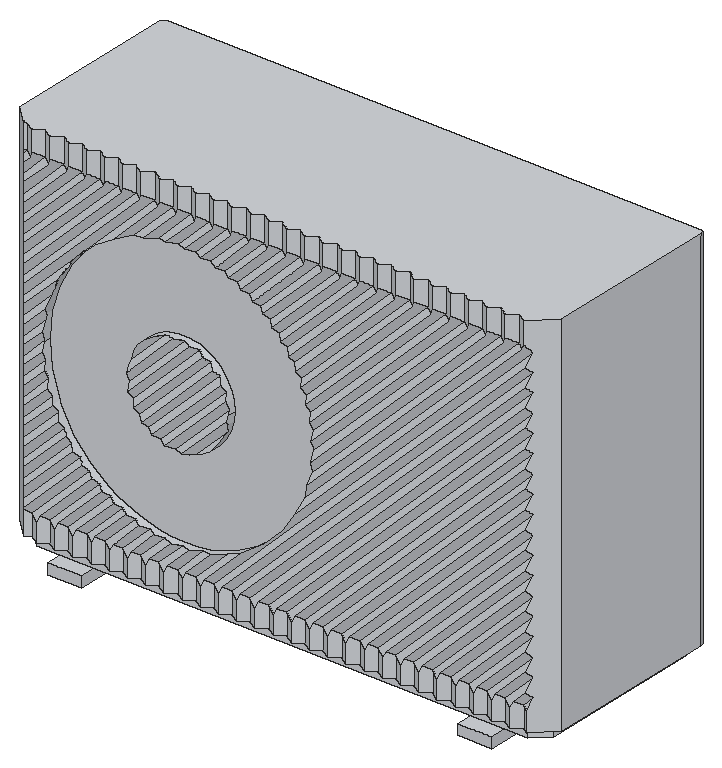
Revit family "HPR10HT", category Mechanical Equipment, Revit 2021
Family settings
  Round Connector Dimension = Use Diameter
  Part Type = Normal
  OmniClass Number = 23.75.00.00
  OmniClass Title = Climate Control (HVAC)
  Work Plane-Based = No
  Always vertical = Yes
  Cut with Voids When Loaded = No
  Shared = No
  Room Calculation Point = No
Parameters
  Width = 476.0 mm
  Water Flow Rate [instance] = 1.7 m³/h
  Refrigerant = "R290"
  Pump Pressure = 73.55 Pa
  Overall Height = 928.0 mm
  Overal Width = 500.0 mm
  Min Heating Capacity = 5.40 kW
  Maximum Current Input = 24.5 A
  Max Power Input = 3.85 W
  Max Output Temperature = 75 °C
  Max Heating Capacity = 14.95 kW
  Length = 1287.0 mm
  Default Elevation = 0.0 mm
  Connection Size = 25 mm
  COP 65-55ºC @ 7ºC = 2.32
  COP 65-55ºC @ 2ºC = 2.02
  COP 35-30ºC @ 7ºC = 4.53
  COP 35-30ºC @ 2ºC = 4.22
  Base = 975.0 mm
Reference planes
  plane 1 "Center (Front/Back)": y = 0
  plane 2: z = 0
  plane 3 "Center (Left/Right)": x = 0
  plane 4 "BACK": y = 238
  plane 5 "front": y = -238
  plane 6 "LEFT": x = -643.5
  plane 7: x = 643.5
  plane 8 "TOP": z = 928
  plane 9: y = 250
  plane 10: y = -250
  plane 11: x = -487.5
  plane 12: x = 487.5
Forms (mm)
  Extrusion 1, solid
    sketch origin (0, 0, 0) x (1, 0, 0) y (0, 1, 0)
      loop
        arc (-633.5, 238) -> (-640.571, 235.071) -> (-643.5, 228) r 10
        line (-643.5, 228) -> (-643.5, -188) -> (-593.5, -238) -> (593.5, -238) -> (643.5, -188) -> (643.5, 228)
        arc (643.5, 228) -> (640.571, 235.071) -> (633.5, 238) r 10
        line (633.5, 238) -> (-633.5, 238)
      loop
        line (-618.5, 213) -> (-618.5, -177.645) -> (-583.145, -213) -> (583.145, -213) -> (618.5, -177.645) -> (618.5, 213) -> (-618.5, 213)
    from 50 to 928 <- "Overall Height"
  Sweep 2, void
    path origin (0, -238, 0) x (-1, 0, 0) y (0, 0, 1)
      loop
        line (-593.5, 928) -> (-593.5, 878) -> (174.5, 110) -> (174.5, 50)
    profile "Family2 : Family2" origin (593.5, -238, 903) x (-1, 0, 0) y (0, 1, 0)
      loop
        line (0, 0) -> (-21.651, 12.5) -> (-43.301, 0) -> (-43.301, -5) -> (0, -5) -> (0, 0)
  Sweep 3, void
    path origin (43.301, -238, 0) x (-1, 0, 0) y (0, 0, 1)
      loop
        line (-593.5, 928) -> (-593.5, 878) -> (174.5, 110) -> (174.5, 50)
    profile "Family2 : Family2" origin (636.801, -238, 903) x (-1, 0, 0) y (0, 1, 0)
      loop
        line (0, 0) -> (-21.651, 12.5) -> (-43.301, 0) -> (-43.301, -5) -> (0, -5) -> (0, 0)
  Sweep 4, void
    path origin (86.603, -238, 0) x (-1, 0, 0) y (0, 0, 1)
      loop
        line (-593.5, 928) -> (-593.5, 878) -> (174.5, 110) -> (174.5, 50)
    profile "Family2 : Family2" origin (680.103, -238, 903) x (-1, 0, 0) y (0, 1, 0)
      loop
        line (0, 0) -> (-21.651, 12.5) -> (-43.301, 0) -> (-43.301, -5) -> (0, -5) -> (0, 0)
  Sweep 5, void
    path origin (129.904, -238, 0) x (-1, 0, 0) y (0, 0, 1)
      loop
        line (-593.5, 928) -> (-593.5, 878) -> (174.5, 110) -> (174.5, 50)
    profile "Family2 : Family2" origin (723.404, -238, 903) x (-1, 0, 0) y (0, 1, 0)
      loop
        line (0, 0) -> (-21.651, 12.5) -> (-43.301, 0) -> (-43.301, -5) -> (0, -5) -> (0, 0)
  Sweep 6, void
    path origin (173.205, -238, 0) x (-1, 0, 0) y (0, 0, 1)
      loop
        line (-593.5, 928) -> (-593.5, 878) -> (174.5, 110) -> (174.5, 50)
    profile "Family2 : Family2" origin (766.705, -238, 903) x (-1, 0, 0) y (0, 1, 0)
      loop
        line (0, 0) -> (-21.651, 12.5) -> (-43.301, 0) -> (-43.301, -5) -> (0, -5) -> (0, 0)
  Sweep 7, void
    path origin (216.506, -238, 0) x (-1, 0, 0) y (0, 0, 1)
      loop
        line (-593.5, 928) -> (-593.5, 878) -> (174.5, 110) -> (174.5, 50)
    profile "Family2 : Family2" origin (810.006, -238, 903) x (-1, 0, 0) y (0, 1, 0)
      loop
        line (0, 0) -> (-21.651, 12.5) -> (-43.301, 0) -> (-43.301, -5) -> (0, -5) -> (0, 0)
  Sweep 8, void
    path origin (259.808, -238, 0) x (-1, 0, 0) y (0, 0, 1)
      loop
        line (-593.5, 928) -> (-593.5, 878) -> (174.5, 110) -> (174.5, 50)
    profile "Family2 : Family2" origin (853.308, -238, 903) x (-1, 0, 0) y (0, 1, 0)
      loop
        line (0, 0) -> (-21.651, 12.5) -> (-43.301, 0) -> (-43.301, -5) -> (0, -5) -> (0, 0)
  Sweep 9, void
    path origin (303.109, -238, 0) x (-1, 0, 0) y (0, 0, 1)
      loop
        line (-593.5, 928) -> (-593.5, 878) -> (174.5, 110) -> (174.5, 50)
    profile "Family2 : Family2" origin (896.609, -238, 903) x (-1, 0, 0) y (0, 1, 0)
      loop
        line (0, 0) -> (-21.651, 12.5) -> (-43.301, 0) -> (-43.301, -5) -> (0, -5) -> (0, 0)
  Sweep 10, void
    path origin (346.41, -238, 0) x (-1, 0, 0) y (0, 0, 1)
      loop
        line (-593.5, 928) -> (-593.5, 878) -> (174.5, 110) -> (174.5, 50)
    profile "Family2 : Family2" origin (939.91, -238, 903) x (-1, 0, 0) y (0, 1, 0)
      loop
        line (0, 0) -> (-21.651, 12.5) -> (-43.301, 0) -> (-43.301, -5) -> (0, -5) -> (0, 0)
  Sweep 11, void
    path origin (389.711, -238, 0) x (-1, 0, 0) y (0, 0, 1)
      loop
        line (-593.5, 928) -> (-593.5, 878) -> (174.5, 110) -> (174.5, 50)
    profile "Family2 : Family2" origin (983.211, -238, 903) x (-1, 0, 0) y (0, 1, 0)
      loop
        line (0, 0) -> (-21.651, 12.5) -> (-43.301, 0) -> (-43.301, -5) -> (0, -5) -> (0, 0)
  Sweep 12, void
    path origin (433.013, -238, 0) x (-1, 0, 0) y (0, 0, 1)
      loop
        line (-593.5, 928) -> (-593.5, 878) -> (174.5, 110) -> (174.5, 50)
    profile "Family2 : Family2" origin (1026.513, -238, 903) x (-1, 0, 0) y (0, 1, 0)
      loop
        line (0, 0) -> (-21.651, 12.5) -> (-43.301, 0) -> (-43.301, -5) -> (0, -5) -> (0, 0)
  Sweep 13, void
    path origin (476.314, -238, 0) x (-1, 0, 0) y (0, 0, 1)
      loop
        line (-593.5, 928) -> (-593.5, 878) -> (174.5, 110) -> (174.5, 50)
    profile "Family2 : Family2" origin (1069.814, -238, 903) x (-1, 0, 0) y (0, 1, 0)
      loop
        line (0, 0) -> (-21.651, 12.5) -> (-43.301, 0) -> (-43.301, -5) -> (0, -5) -> (0, 0)
  Sweep 14, void
    path origin (519.615, -238, 0) x (-1, 0, 0) y (0, 0, 1)
      loop
        line (-593.5, 928) -> (-593.5, 878) -> (174.5, 110) -> (174.5, 50)
    profile "Family2 : Family2" origin (1113.115, -238, 903) x (-1, 0, 0) y (0, 1, 0)
      loop
        line (0, 0) -> (-21.651, 12.5) -> (-43.301, 0) -> (-43.301, -5) -> (0, -5) -> (0, 0)
  Sweep 15, void
    path origin (562.917, -238, 0) x (-1, 0, 0) y (0, 0, 1)
      loop
        line (-593.5, 928) -> (-593.5, 878) -> (174.5, 110) -> (174.5, 50)
    profile "Family2 : Family2" origin (1156.417, -238, 903) x (-1, 0, 0) y (0, 1, 0)
      loop
        line (0, 0) -> (-21.651, 12.5) -> (-43.301, 0) -> (-43.301, -5) -> (0, -5) -> (0, 0)
  Sweep 16, void
    path origin (606.218, -238, 0) x (-1, 0, 0) y (0, 0, 1)
      loop
        line (-593.5, 928) -> (-593.5, 878) -> (174.5, 110) -> (174.5, 50)
    profile "Family2 : Family2" origin (1199.718, -238, 903) x (-1, 0, 0) y (0, 1, 0)
      loop
        line (0, 0) -> (-21.651, 12.5) -> (-43.301, 0) -> (-43.301, -5) -> (0, -5) -> (0, 0)
  Sweep 17, void
    path origin (649.519, -238, 0) x (-1, 0, 0) y (0, 0, 1)
      loop
        line (-593.5, 928) -> (-593.5, 878) -> (174.5, 110) -> (174.5, 50)
    profile "Family2 : Family2" origin (1243.019, -238, 903) x (-1, 0, 0) y (0, 1, 0)
      loop
        line (0, 0) -> (-21.651, 12.5) -> (-43.301, 0) -> (-43.301, -5) -> (0, -5) -> (0, 0)
  Sweep 18, void
    path origin (692.82, -238, 0) x (-1, 0, 0) y (0, 0, 1)
      loop
        line (-593.5, 928) -> (-593.5, 878) -> (174.5, 110) -> (174.5, 50)
    profile "Family2 : Family2" origin (1286.32, -238, 903) x (-1, 0, 0) y (0, 1, 0)
      loop
        line (0, 0) -> (-21.651, 12.5) -> (-43.301, 0) -> (-43.301, -5) -> (0, -5) -> (0, 0)
  Sweep 19, void
    path origin (736.122, -238, 0) x (-1, 0, 0) y (0, 0, 1)
      loop
        line (-593.5, 928) -> (-593.5, 878) -> (174.5, 110) -> (174.5, 50)
    profile "Family2 : Family2" origin (1329.622, -238, 903) x (-1, 0, 0) y (0, 1, 0)
      loop
        line (0, 0) -> (-21.651, 12.5) -> (-43.301, 0) -> (-43.301, -5) -> (0, -5) -> (0, 0)
  Sweep 20, void
    path origin (-43.301, -238, 0) x (-1, 0, 0) y (0, 0, 1)
      loop
        line (-593.5, 928) -> (-593.5, 878) -> (174.5, 110) -> (174.5, 50)
    profile "Family2 : Family2" origin (550.199, -238, 903) x (-1, 0, 0) y (0, 1, 0)
      loop
        line (0, 0) -> (-21.651, 12.5) -> (-43.301, 0) -> (-43.301, -5) -> (0, -5) -> (0, 0)
  Sweep 21, void
    path origin (-86.603, -238, 0) x (-1, 0, 0) y (0, 0, 1)
      loop
        line (-593.5, 928) -> (-593.5, 878) -> (174.5, 110) -> (174.5, 50)
    profile "Family2 : Family2" origin (506.897, -238, 903) x (-1, 0, 0) y (0, 1, 0)
      loop
        line (0, 0) -> (-21.651, 12.5) -> (-43.301, 0) -> (-43.301, -5) -> (0, -5) -> (0, 0)
  Sweep 22, void
    path origin (-129.904, -238, 0) x (-1, 0, 0) y (0, 0, 1)
      loop
        line (-593.5, 928) -> (-593.5, 878) -> (174.5, 110) -> (174.5, 50)
    profile "Family2 : Family2" origin (463.596, -238, 903) x (-1, 0, 0) y (0, 1, 0)
      loop
        line (0, 0) -> (-21.651, 12.5) -> (-43.301, 0) -> (-43.301, -5) -> (0, -5) -> (0, 0)
  Sweep 23, void
    path origin (-173.205, -238, 0) x (-1, 0, 0) y (0, 0, 1)
      loop
        line (-593.5, 928) -> (-593.5, 878) -> (174.5, 110) -> (174.5, 50)
    profile "Family2 : Family2" origin (420.295, -238, 903) x (-1, 0, 0) y (0, 1, 0)
      loop
        line (0, 0) -> (-21.651, 12.5) -> (-43.301, 0) -> (-43.301, -5) -> (0, -5) -> (0, 0)
  Sweep 24, void
    path origin (-216.506, -238, 0) x (-1, 0, 0) y (0, 0, 1)
      loop
        line (-593.5, 928) -> (-593.5, 878) -> (174.5, 110) -> (174.5, 50)
    profile "Family2 : Family2" origin (376.994, -238, 903) x (-1, 0, 0) y (0, 1, 0)
      loop
        line (0, 0) -> (-21.651, 12.5) -> (-43.301, 0) -> (-43.301, -5) -> (0, -5) -> (0, 0)
  Sweep 25, void
    path origin (-259.808, -238, 0) x (-1, 0, 0) y (0, 0, 1)
      loop
        line (-593.5, 928) -> (-593.5, 878) -> (174.5, 110) -> (174.5, 50)
    profile "Family2 : Family2" origin (333.692, -238, 903) x (-1, 0, 0) y (0, 1, 0)
      loop
        line (0, 0) -> (-21.651, 12.5) -> (-43.301, 0) -> (-43.301, -5) -> (0, -5) -> (0, 0)
  Sweep 26, void
    path origin (-303.109, -238, 0) x (-1, 0, 0) y (0, 0, 1)
      loop
        line (-593.5, 928) -> (-593.5, 878) -> (174.5, 110) -> (174.5, 50)
    profile "Family2 : Family2" origin (290.391, -238, 903) x (-1, 0, 0) y (0, 1, 0)
      loop
        line (0, 0) -> (-21.651, 12.5) -> (-43.301, 0) -> (-43.301, -5) -> (0, -5) -> (0, 0)
  Sweep 27, void
    path origin (-346.41, -238, 0) x (-1, 0, 0) y (0, 0, 1)
      loop
        line (-593.5, 928) -> (-593.5, 878) -> (174.5, 110) -> (174.5, 50)
    profile "Family2 : Family2" origin (247.09, -238, 903) x (-1, 0, 0) y (0, 1, 0)
      loop
        line (0, 0) -> (-21.651, 12.5) -> (-43.301, 0) -> (-43.301, -5) -> (0, -5) -> (0, 0)
  Sweep 28, void
    path origin (-389.711, -238, 0) x (-1, 0, 0) y (0, 0, 1)
      loop
        line (-593.5, 928) -> (-593.5, 878) -> (174.5, 110) -> (174.5, 50)
    profile "Family2 : Family2" origin (203.789, -238, 903) x (-1, 0, 0) y (0, 1, 0)
      loop
        line (0, 0) -> (-21.651, 12.5) -> (-43.301, 0) -> (-43.301, -5) -> (0, -5) -> (0, 0)
  Sweep 29, void
    path origin (-433.013, -238, 0) x (-1, 0, 0) y (0, 0, 1)
      loop
        line (-593.5, 928) -> (-593.5, 878) -> (174.5, 110) -> (174.5, 50)
    profile "Family2 : Family2" origin (160.487, -238, 903) x (-1, 0, 0) y (0, 1, 0)
      loop
        line (0, 0) -> (-21.651, 12.5) -> (-43.301, 0) -> (-43.301, -5) -> (0, -5) -> (0, 0)
  Sweep 30, void
    path origin (-476.314, -238, 0) x (-1, 0, 0) y (0, 0, 1)
      loop
        line (-593.5, 928) -> (-593.5, 878) -> (174.5, 110) -> (174.5, 50)
    profile "Family2 : Family2" origin (117.186, -238, 903) x (-1, 0, 0) y (0, 1, 0)
      loop
        line (0, 0) -> (-21.651, 12.5) -> (-43.301, 0) -> (-43.301, -5) -> (0, -5) -> (0, 0)
  Sweep 31, void
    path origin (-519.615, -238, 0) x (-1, 0, 0) y (0, 0, 1)
      loop
        line (-593.5, 928) -> (-593.5, 878) -> (174.5, 110) -> (174.5, 50)
    profile "Family2 : Family2" origin (73.885, -238, 903) x (-1, 0, 0) y (0, 1, 0)
      loop
        line (0, 0) -> (-21.651, 12.5) -> (-43.301, 0) -> (-43.301, -5) -> (0, -5) -> (0, 0)
  Sweep 32, void
    path origin (-562.917, -238, 0) x (-1, 0, 0) y (0, 0, 1)
      loop
        line (-593.5, 928) -> (-593.5, 878) -> (174.5, 110) -> (174.5, 50)
    profile "Family2 : Family2" origin (30.583, -238, 903) x (-1, 0, 0) y (0, 1, 0)
      loop
        line (0, 0) -> (-21.651, 12.5) -> (-43.301, 0) -> (-43.301, -5) -> (0, -5) -> (0, 0)
  Sweep 33, void
    path origin (-606.218, -238, 0) x (-1, 0, 0) y (0, 0, 1)
      loop
        line (-593.5, 928) -> (-593.5, 878) -> (174.5, 110) -> (174.5, 50)
    profile "Family2 : Family2" origin (-12.718, -238, 903) x (-1, 0, 0) y (0, 1, 0)
      loop
        line (0, 0) -> (-21.651, 12.5) -> (-43.301, 0) -> (-43.301, -5) -> (0, -5) -> (0, 0)
  Sweep 34, void
    path origin (-649.519, -238, 0) x (-1, 0, 0) y (0, 0, 1)
      loop
        line (-593.5, 928) -> (-593.5, 878) -> (174.5, 110) -> (174.5, 50)
    profile "Family2 : Family2" origin (-56.019, -238, 903) x (-1, 0, 0) y (0, 1, 0)
      loop
        line (0, 0) -> (-21.651, 12.5) -> (-43.301, 0) -> (-43.301, -5) -> (0, -5) -> (0, 0)
  Sweep 35, void
    path origin (-692.82, -238, 0) x (-1, 0, 0) y (0, 0, 1)
      loop
        line (-593.5, 928) -> (-593.5, 878) -> (174.5, 110) -> (174.5, 50)
    profile "Family2 : Family2" origin (-99.32, -238, 903) x (-1, 0, 0) y (0, 1, 0)
      loop
        line (0, 0) -> (-21.651, 12.5) -> (-43.301, 0) -> (-43.301, -5) -> (0, -5) -> (0, 0)
  Sweep 36, void
    path origin (-736.122, -238, 0) x (-1, 0, 0) y (0, 0, 1)
      loop
        line (-593.5, 928) -> (-593.5, 878) -> (174.5, 110) -> (174.5, 50)
    profile "Family2 : Family2" origin (-142.622, -238, 903) x (-1, 0, 0) y (0, 1, 0)
      loop
        line (0, 0) -> (-21.651, 12.5) -> (-43.301, 0) -> (-43.301, -5) -> (0, -5) -> (0, 0)
  Sweep 37, void
    path origin (-779.423, -238, 0) x (-1, 0, 0) y (0, 0, 1)
      loop
        line (-593.5, 928) -> (-593.5, 878) -> (174.5, 110) -> (174.5, 50)
    profile "Family2 : Family2" origin (-185.923, -238, 903) x (-1, 0, 0) y (0, 1, 0)
      loop
        line (0, 0) -> (-21.651, 12.5) -> (-43.301, 0) -> (-43.301, -5) -> (0, -5) -> (0, 0)
  Sweep 38, void
    path origin (-822.724, -238, 0) x (-1, 0, 0) y (0, 0, 1)
      loop
        line (-593.5, 928) -> (-593.5, 878) -> (174.5, 110) -> (174.5, 50)
    profile "Family2 : Family2" origin (-229.224, -238, 903) x (-1, 0, 0) y (0, 1, 0)
      loop
        line (0, 0) -> (-21.651, 12.5) -> (-43.301, 0) -> (-43.301, -5) -> (0, -5) -> (0, 0)
  Sweep 39, void
    path origin (-866.025, -238, 0) x (-1, 0, 0) y (0, 0, 1)
      loop
        line (-593.5, 928) -> (-593.5, 878) -> (174.5, 110) -> (174.5, 50)
    profile "Family2 : Family2" origin (-272.525, -238, 903) x (-1, 0, 0) y (0, 1, 0)
      loop
        line (0, 0) -> (-21.651, 12.5) -> (-43.301, 0) -> (-43.301, -5) -> (0, -5) -> (0, 0)
  Sweep 40, void
    path origin (-909.327, -238, 0) x (-1, 0, 0) y (0, 0, 1)
      loop
        line (-593.5, 928) -> (-593.5, 878) -> (174.5, 110) -> (174.5, 50)
    profile "Family2 : Family2" origin (-315.827, -238, 903) x (-1, 0, 0) y (0, 1, 0)
      loop
        line (0, 0) -> (-21.651, 12.5) -> (-43.301, 0) -> (-43.301, -5) -> (0, -5) -> (0, 0)
  Sweep 41, void
    path origin (-952.628, -238, 0) x (-1, 0, 0) y (0, 0, 1)
      loop
        line (-593.5, 928) -> (-593.5, 878) -> (174.5, 110) -> (174.5, 50)
    profile "Family2 : Family2" origin (-359.128, -238, 903) x (-1, 0, 0) y (0, 1, 0)
      loop
        line (0, 0) -> (-21.651, 12.5) -> (-43.301, 0) -> (-43.301, -5) -> (0, -5) -> (0, 0)
  Sweep 42, void
    path origin (-995.929, -238, 0) x (-1, 0, 0) y (0, 0, 1)
      loop
        line (-593.5, 928) -> (-593.5, 878) -> (174.5, 110) -> (174.5, 50)
    profile "Family2 : Family2" origin (-402.429, -238, 903) x (-1, 0, 0) y (0, 1, 0)
      loop
        line (0, 0) -> (-21.651, 12.5) -> (-43.301, 0) -> (-43.301, -5) -> (0, -5) -> (0, 0)
  Sweep 43, void
    path origin (-1039.23, -238, 0) x (-1, 0, 0) y (0, 0, 1)
      loop
        line (-593.5, 928) -> (-593.5, 878) -> (174.5, 110) -> (174.5, 50)
    profile "Family2 : Family2" origin (-445.73, -238, 903) x (-1, 0, 0) y (0, 1, 0)
      loop
        line (0, 0) -> (-21.651, 12.5) -> (-43.301, 0) -> (-43.301, -5) -> (0, -5) -> (0, 0)
  Sweep 44, void
    path origin (-1082.532, -238, 0) x (-1, 0, 0) y (0, 0, 1)
      loop
        line (-593.5, 928) -> (-593.5, 878) -> (174.5, 110) -> (174.5, 50)
    profile "Family2 : Family2" origin (-489.032, -238, 903) x (-1, 0, 0) y (0, 1, 0)
      loop
        line (0, 0) -> (-21.651, 12.5) -> (-43.301, 0) -> (-43.301, -5) -> (0, -5) -> (0, 0)
  Sweep 45, void
    path origin (-1125.833, -238, 0) x (-1, 0, 0) y (0, 0, 1)
      loop
        line (-593.5, 928) -> (-593.5, 878) -> (174.5, 110) -> (174.5, 50)
    profile "Family2 : Family2" origin (-532.333, -238, 903) x (-1, 0, 0) y (0, 1, 0)
      loop
        line (0, 0) -> (-21.651, 12.5) -> (-43.301, 0) -> (-43.301, -5) -> (0, -5) -> (0, 0)
  Sweep 46, void
    path origin (-1169.134, -238, 0) x (-1, 0, 0) y (0, 0, 1)
      loop
        line (-593.5, 928) -> (-593.5, 878) -> (174.5, 110) -> (174.5, 50)
    profile "Family2 : Family2" origin (-575.634, -238, 903) x (-1, 0, 0) y (0, 1, 0)
      loop
        line (0, 0) -> (-21.651, 12.5) -> (-43.301, 0) -> (-43.301, -5) -> (0, -5) -> (0, 0)
  Sweep 47, void
    path origin (-1212.436, -238, 0) x (-1, 0, 0) y (0, 0, 1)
      loop
        line (-593.5, 928) -> (-593.5, 878) -> (174.5, 110) -> (174.5, 50)
    profile "Family2 : Family2" origin (-618.936, -238, 903) x (-1, 0, 0) y (0, 1, 0)
      loop
        line (0, 0) -> (-21.651, 12.5) -> (-43.301, 0) -> (-43.301, -5) -> (0, -5) -> (0, 0)
  Extrusion 48, void
    sketch origin (-643.5, 0, -25) x (0, 1, 0) y (0, 0, 1)
      loop
        line (195.645, 889.841) -> (174.432, 911.054)
        arc (174.432, 911.054) -> (156.754, 911.054) -> (156.754, 893.376) r 12.5
        line (156.754, 893.376) -> (177.967, 872.163)
        arc (177.967, 872.163) -> (195.645, 872.163) -> (195.645, 889.841) r 12.5
      loop
        line (133.145, 889.841) -> (111.932, 911.054)
        arc (111.932, 911.054) -> (94.254, 911.054) -> (94.254, 893.376) r 12.5
        line (94.254, 893.376) -> (115.467, 872.163)
        arc (115.467, 872.163) -> (133.145, 872.163) -> (133.145, 889.841) r 12.5
      loop
        line (70.645, 889.841) -> (49.432, 911.054)
        arc (49.432, 911.054) -> (31.754, 911.054) -> (31.754, 893.376) r 12.5
        line (31.754, 893.376) -> (52.967, 872.163)
        arc (52.967, 872.163) -> (70.645, 872.163) -> (70.645, 889.841) r 12.5
      loop
        line (8.145, 889.841) -> (-13.068, 911.054)
        arc (-13.068, 911.054) -> (-30.746, 911.054) -> (-30.746, 893.376) r 12.5
        line (-30.746, 893.376) -> (-9.533, 872.163)
        arc (-9.533, 872.163) -> (8.145, 872.163) -> (8.145, 889.841) r 12.5
      loop
        line (-54.355, 889.841) -> (-75.568, 911.054)
        arc (-75.568, 911.054) -> (-93.246, 911.054) -> (-93.246, 893.376) r 12.5
        line (-93.246, 893.376) -> (-72.033, 872.163)
        arc (-72.033, 872.163) -> (-54.355, 872.163) -> (-54.355, 889.841) r 12.5
      loop
        line (-116.855, 889.841) -> (-138.068, 911.054)
        arc (-138.068, 911.054) -> (-155.746, 911.054) -> (-155.746, 893.376) r 12.5
        line (-155.746, 893.376) -> (-134.533, 872.163)
        arc (-134.533, 872.163) -> (-116.855, 872.163) -> (-116.855, 889.841) r 12.5
    from 0 to 30
  Extrusion 49, void
    sketch origin (-643.5, 0, -85) x (0, 1, 0) y (0, 0, 1)
      loop
        line (195.645, 889.841) -> (174.432, 911.054)
        arc (174.432, 911.054) -> (156.754, 911.054) -> (156.754, 893.376) r 12.5
        line (156.754, 893.376) -> (177.967, 872.163)
        arc (177.967, 872.163) -> (195.645, 872.163) -> (195.645, 889.841) r 12.5
      loop
        line (133.145, 889.841) -> (111.932, 911.054)
        arc (111.932, 911.054) -> (94.254, 911.054) -> (94.254, 893.376) r 12.5
        line (94.254, 893.376) -> (115.467, 872.163)
        arc (115.467, 872.163) -> (133.145, 872.163) -> (133.145, 889.841) r 12.5
      loop
        line (70.645, 889.841) -> (49.432, 911.054)
        arc (49.432, 911.054) -> (31.754, 911.054) -> (31.754, 893.376) r 12.5
        line (31.754, 893.376) -> (52.967, 872.163)
        arc (52.967, 872.163) -> (70.645, 872.163) -> (70.645, 889.841) r 12.5
      loop
        line (8.145, 889.841) -> (-13.068, 911.054)
        arc (-13.068, 911.054) -> (-30.746, 911.054) -> (-30.746, 893.376) r 12.5
        line (-30.746, 893.376) -> (-9.533, 872.163)
        arc (-9.533, 872.163) -> (8.145, 872.163) -> (8.145, 889.841) r 12.5
      loop
        line (-54.355, 889.841) -> (-75.568, 911.054)
        arc (-75.568, 911.054) -> (-93.246, 911.054) -> (-93.246, 893.376) r 12.5
        line (-93.246, 893.376) -> (-72.033, 872.163)
        arc (-72.033, 872.163) -> (-54.355, 872.163) -> (-54.355, 889.841) r 12.5
      loop
        line (-116.855, 889.841) -> (-138.068, 911.054)
        arc (-138.068, 911.054) -> (-155.746, 911.054) -> (-155.746, 893.376) r 12.5
        line (-155.746, 893.376) -> (-134.533, 872.163)
        arc (-134.533, 872.163) -> (-116.855, 872.163) -> (-116.855, 889.841) r 12.5
    from 0 to 30
  Extrusion 50, void
    sketch origin (-643.5, 0, -145) x (0, 1, 0) y (0, 0, 1)
      loop
        line (195.645, 889.841) -> (174.432, 911.054)
        arc (174.432, 911.054) -> (156.754, 911.054) -> (156.754, 893.376) r 12.5
        line (156.754, 893.376) -> (177.967, 872.163)
        arc (177.967, 872.163) -> (195.645, 872.163) -> (195.645, 889.841) r 12.5
      loop
        line (133.145, 889.841) -> (111.932, 911.054)
        arc (111.932, 911.054) -> (94.254, 911.054) -> (94.254, 893.376) r 12.5
        line (94.254, 893.376) -> (115.467, 872.163)
        arc (115.467, 872.163) -> (133.145, 872.163) -> (133.145, 889.841) r 12.5
      loop
        line (70.645, 889.841) -> (49.432, 911.054)
        arc (49.432, 911.054) -> (31.754, 911.054) -> (31.754, 893.376) r 12.5
        line (31.754, 893.376) -> (52.967, 872.163)
        arc (52.967, 872.163) -> (70.645, 872.163) -> (70.645, 889.841) r 12.5
      loop
        line (8.145, 889.841) -> (-13.068, 911.054)
        arc (-13.068, 911.054) -> (-30.746, 911.054) -> (-30.746, 893.376) r 12.5
        line (-30.746, 893.376) -> (-9.533, 872.163)
        arc (-9.533, 872.163) -> (8.145, 872.163) -> (8.145, 889.841) r 12.5
      loop
        line (-54.355, 889.841) -> (-75.568, 911.054)
        arc (-75.568, 911.054) -> (-93.246, 911.054) -> (-93.246, 893.376) r 12.5
        line (-93.246, 893.376) -> (-72.033, 872.163)
        arc (-72.033, 872.163) -> (-54.355, 872.163) -> (-54.355, 889.841) r 12.5
      loop
        line (-116.855, 889.841) -> (-138.068, 911.054)
        arc (-138.068, 911.054) -> (-155.746, 911.054) -> (-155.746, 893.376) r 12.5
        line (-155.746, 893.376) -> (-134.533, 872.163)
        arc (-134.533, 872.163) -> (-116.855, 872.163) -> (-116.855, 889.841) r 12.5
    from 0 to 30
  Extrusion 51, void
    sketch origin (-643.5, 0, -205) x (0, 1, 0) y (0, 0, 1)
      loop
        line (195.645, 889.841) -> (174.432, 911.054)
        arc (174.432, 911.054) -> (156.754, 911.054) -> (156.754, 893.376) r 12.5
        line (156.754, 893.376) -> (177.967, 872.163)
        arc (177.967, 872.163) -> (195.645, 872.163) -> (195.645, 889.841) r 12.5
      loop
        line (133.145, 889.841) -> (111.932, 911.054)
        arc (111.932, 911.054) -> (94.254, 911.054) -> (94.254, 893.376) r 12.5
        line (94.254, 893.376) -> (115.467, 872.163)
        arc (115.467, 872.163) -> (133.145, 872.163) -> (133.145, 889.841) r 12.5
      loop
        line (70.645, 889.841) -> (49.432, 911.054)
        arc (49.432, 911.054) -> (31.754, 911.054) -> (31.754, 893.376) r 12.5
        line (31.754, 893.376) -> (52.967, 872.163)
        arc (52.967, 872.163) -> (70.645, 872.163) -> (70.645, 889.841) r 12.5
      loop
        line (8.145, 889.841) -> (-13.068, 911.054)
        arc (-13.068, 911.054) -> (-30.746, 911.054) -> (-30.746, 893.376) r 12.5
        line (-30.746, 893.376) -> (-9.533, 872.163)
        arc (-9.533, 872.163) -> (8.145, 872.163) -> (8.145, 889.841) r 12.5
      loop
        line (-54.355, 889.841) -> (-75.568, 911.054)
        arc (-75.568, 911.054) -> (-93.246, 911.054) -> (-93.246, 893.376) r 12.5
        line (-93.246, 893.376) -> (-72.033, 872.163)
        arc (-72.033, 872.163) -> (-54.355, 872.163) -> (-54.355, 889.841) r 12.5
      loop
        line (-116.855, 889.841) -> (-138.068, 911.054)
        arc (-138.068, 911.054) -> (-155.746, 911.054) -> (-155.746, 893.376) r 12.5
        line (-155.746, 893.376) -> (-134.533, 872.163)
        arc (-134.533, 872.163) -> (-116.855, 872.163) -> (-116.855, 889.841) r 12.5
    from 0 to 30
  Extrusion 52, void
    sketch origin (-643.5, 0, -265) x (0, 1, 0) y (0, 0, 1)
      loop
        line (195.645, 889.841) -> (174.432, 911.054)
        arc (174.432, 911.054) -> (156.754, 911.054) -> (156.754, 893.376) r 12.5
        line (156.754, 893.376) -> (177.967, 872.163)
        arc (177.967, 872.163) -> (195.645, 872.163) -> (195.645, 889.841) r 12.5
      loop
        line (133.145, 889.841) -> (111.932, 911.054)
        arc (111.932, 911.054) -> (94.254, 911.054) -> (94.254, 893.376) r 12.5
        line (94.254, 893.376) -> (115.467, 872.163)
        arc (115.467, 872.163) -> (133.145, 872.163) -> (133.145, 889.841) r 12.5
      loop
        line (70.645, 889.841) -> (49.432, 911.054)
        arc (49.432, 911.054) -> (31.754, 911.054) -> (31.754, 893.376) r 12.5
        line (31.754, 893.376) -> (52.967, 872.163)
        arc (52.967, 872.163) -> (70.645, 872.163) -> (70.645, 889.841) r 12.5
      loop
        line (8.145, 889.841) -> (-13.068, 911.054)
        arc (-13.068, 911.054) -> (-30.746, 911.054) -> (-30.746, 893.376) r 12.5
        line (-30.746, 893.376) -> (-9.533, 872.163)
        arc (-9.533, 872.163) -> (8.145, 872.163) -> (8.145, 889.841) r 12.5
      loop
        line (-54.355, 889.841) -> (-75.568, 911.054)
        arc (-75.568, 911.054) -> (-93.246, 911.054) -> (-93.246, 893.376) r 12.5
        line (-93.246, 893.376) -> (-72.033, 872.163)
        arc (-72.033, 872.163) -> (-54.355, 872.163) -> (-54.355, 889.841) r 12.5
      loop
        line (-116.855, 889.841) -> (-138.068, 911.054)
        arc (-138.068, 911.054) -> (-155.746, 911.054) -> (-155.746, 893.376) r 12.5
        line (-155.746, 893.376) -> (-134.533, 872.163)
        arc (-134.533, 872.163) -> (-116.855, 872.163) -> (-116.855, 889.841) r 12.5
    from 0 to 30
  Extrusion 53, void
    sketch origin (-643.5, 0, -325) x (0, 1, 0) y (0, 0, 1)
      loop
        line (195.645, 889.841) -> (174.432, 911.054)
        arc (174.432, 911.054) -> (156.754, 911.054) -> (156.754, 893.376) r 12.5
        line (156.754, 893.376) -> (177.967, 872.163)
        arc (177.967, 872.163) -> (195.645, 872.163) -> (195.645, 889.841) r 12.5
      loop
        line (133.145, 889.841) -> (111.932, 911.054)
        arc (111.932, 911.054) -> (94.254, 911.054) -> (94.254, 893.376) r 12.5
        line (94.254, 893.376) -> (115.467, 872.163)
        arc (115.467, 872.163) -> (133.145, 872.163) -> (133.145, 889.841) r 12.5
      loop
        line (70.645, 889.841) -> (49.432, 911.054)
        arc (49.432, 911.054) -> (31.754, 911.054) -> (31.754, 893.376) r 12.5
        line (31.754, 893.376) -> (52.967, 872.163)
        arc (52.967, 872.163) -> (70.645, 872.163) -> (70.645, 889.841) r 12.5
      loop
        line (8.145, 889.841) -> (-13.068, 911.054)
        arc (-13.068, 911.054) -> (-30.746, 911.054) -> (-30.746, 893.376) r 12.5
        line (-30.746, 893.376) -> (-9.533, 872.163)
        arc (-9.533, 872.163) -> (8.145, 872.163) -> (8.145, 889.841) r 12.5
      loop
        line (-54.355, 889.841) -> (-75.568, 911.054)
        arc (-75.568, 911.054) -> (-93.246, 911.054) -> (-93.246, 893.376) r 12.5
        line (-93.246, 893.376) -> (-72.033, 872.163)
        arc (-72.033, 872.163) -> (-54.355, 872.163) -> (-54.355, 889.841) r 12.5
      loop
        line (-116.855, 889.841) -> (-138.068, 911.054)
        arc (-138.068, 911.054) -> (-155.746, 911.054) -> (-155.746, 893.376) r 12.5
        line (-155.746, 893.376) -> (-134.533, 872.163)
        arc (-134.533, 872.163) -> (-116.855, 872.163) -> (-116.855, 889.841) r 12.5
    from 0 to 30
  Extrusion 54, void
    sketch origin (-643.5, 0, -385) x (0, 1, 0) y (0, 0, 1)
      loop
        line (195.645, 889.841) -> (174.432, 911.054)
        arc (174.432, 911.054) -> (156.754, 911.054) -> (156.754, 893.376) r 12.5
        line (156.754, 893.376) -> (177.967, 872.163)
        arc (177.967, 872.163) -> (195.645, 872.163) -> (195.645, 889.841) r 12.5
      loop
        line (133.145, 889.841) -> (111.932, 911.054)
        arc (111.932, 911.054) -> (94.254, 911.054) -> (94.254, 893.376) r 12.5
        line (94.254, 893.376) -> (115.467, 872.163)
        arc (115.467, 872.163) -> (133.145, 872.163) -> (133.145, 889.841) r 12.5
      loop
        line (70.645, 889.841) -> (49.432, 911.054)
        arc (49.432, 911.054) -> (31.754, 911.054) -> (31.754, 893.376) r 12.5
        line (31.754, 893.376) -> (52.967, 872.163)
        arc (52.967, 872.163) -> (70.645, 872.163) -> (70.645, 889.841) r 12.5
      loop
        line (8.145, 889.841) -> (-13.068, 911.054)
        arc (-13.068, 911.054) -> (-30.746, 911.054) -> (-30.746, 893.376) r 12.5
        line (-30.746, 893.376) -> (-9.533, 872.163)
        arc (-9.533, 872.163) -> (8.145, 872.163) -> (8.145, 889.841) r 12.5
      loop
        line (-54.355, 889.841) -> (-75.568, 911.054)
        arc (-75.568, 911.054) -> (-93.246, 911.054) -> (-93.246, 893.376) r 12.5
        line (-93.246, 893.376) -> (-72.033, 872.163)
        arc (-72.033, 872.163) -> (-54.355, 872.163) -> (-54.355, 889.841) r 12.5
      loop
        line (-116.855, 889.841) -> (-138.068, 911.054)
        arc (-138.068, 911.054) -> (-155.746, 911.054) -> (-155.746, 893.376) r 12.5
        line (-155.746, 893.376) -> (-134.533, 872.163)
        arc (-134.533, 872.163) -> (-116.855, 872.163) -> (-116.855, 889.841) r 12.5
    from 0 to 30
  Extrusion 55, void
    sketch origin (-643.5, 0, -445) x (0, 1, 0) y (0, 0, 1)
      loop
        line (195.645, 889.841) -> (174.432, 911.054)
        arc (174.432, 911.054) -> (156.754, 911.054) -> (156.754, 893.376) r 12.5
        line (156.754, 893.376) -> (177.967, 872.163)
        arc (177.967, 872.163) -> (195.645, 872.163) -> (195.645, 889.841) r 12.5
      loop
        line (133.145, 889.841) -> (111.932, 911.054)
        arc (111.932, 911.054) -> (94.254, 911.054) -> (94.254, 893.376) r 12.5
        line (94.254, 893.376) -> (115.467, 872.163)
        arc (115.467, 872.163) -> (133.145, 872.163) -> (133.145, 889.841) r 12.5
      loop
        line (70.645, 889.841) -> (49.432, 911.054)
        arc (49.432, 911.054) -> (31.754, 911.054) -> (31.754, 893.376) r 12.5
        line (31.754, 893.376) -> (52.967, 872.163)
        arc (52.967, 872.163) -> (70.645, 872.163) -> (70.645, 889.841) r 12.5
      loop
        line (8.145, 889.841) -> (-13.068, 911.054)
        arc (-13.068, 911.054) -> (-30.746, 911.054) -> (-30.746, 893.376) r 12.5
        line (-30.746, 893.376) -> (-9.533, 872.163)
        arc (-9.533, 872.163) -> (8.145, 872.163) -> (8.145, 889.841) r 12.5
      loop
        line (-54.355, 889.841) -> (-75.568, 911.054)
        arc (-75.568, 911.054) -> (-93.246, 911.054) -> (-93.246, 893.376) r 12.5
        line (-93.246, 893.376) -> (-72.033, 872.163)
        arc (-72.033, 872.163) -> (-54.355, 872.163) -> (-54.355, 889.841) r 12.5
      loop
        line (-116.855, 889.841) -> (-138.068, 911.054)
        arc (-138.068, 911.054) -> (-155.746, 911.054) -> (-155.746, 893.376) r 12.5
        line (-155.746, 893.376) -> (-134.533, 872.163)
        arc (-134.533, 872.163) -> (-116.855, 872.163) -> (-116.855, 889.841) r 12.5
    from 0 to 30
  Extrusion 56, void
    sketch origin (-643.5, 0, -505) x (0, 1, 0) y (0, 0, 1)
      loop
        line (195.645, 889.841) -> (174.432, 911.054)
        arc (174.432, 911.054) -> (156.754, 911.054) -> (156.754, 893.376) r 12.5
        line (156.754, 893.376) -> (177.967, 872.163)
        arc (177.967, 872.163) -> (195.645, 872.163) -> (195.645, 889.841) r 12.5
      loop
        line (133.145, 889.841) -> (111.932, 911.054)
        arc (111.932, 911.054) -> (94.254, 911.054) -> (94.254, 893.376) r 12.5
        line (94.254, 893.376) -> (115.467, 872.163)
        arc (115.467, 872.163) -> (133.145, 872.163) -> (133.145, 889.841) r 12.5
      loop
        line (70.645, 889.841) -> (49.432, 911.054)
        arc (49.432, 911.054) -> (31.754, 911.054) -> (31.754, 893.376) r 12.5
        line (31.754, 893.376) -> (52.967, 872.163)
        arc (52.967, 872.163) -> (70.645, 872.163) -> (70.645, 889.841) r 12.5
      loop
        line (8.145, 889.841) -> (-13.068, 911.054)
        arc (-13.068, 911.054) -> (-30.746, 911.054) -> (-30.746, 893.376) r 12.5
        line (-30.746, 893.376) -> (-9.533, 872.163)
        arc (-9.533, 872.163) -> (8.145, 872.163) -> (8.145, 889.841) r 12.5
      loop
        line (-54.355, 889.841) -> (-75.568, 911.054)
        arc (-75.568, 911.054) -> (-93.246, 911.054) -> (-93.246, 893.376) r 12.5
        line (-93.246, 893.376) -> (-72.033, 872.163)
        arc (-72.033, 872.163) -> (-54.355, 872.163) -> (-54.355, 889.841) r 12.5
      loop
        line (-116.855, 889.841) -> (-138.068, 911.054)
        arc (-138.068, 911.054) -> (-155.746, 911.054) -> (-155.746, 893.376) r 12.5
        line (-155.746, 893.376) -> (-134.533, 872.163)
        arc (-134.533, 872.163) -> (-116.855, 872.163) -> (-116.855, 889.841) r 12.5
    from 0 to 30
  Extrusion 57, void
    sketch origin (-643.5, 0, -565) x (0, 1, 0) y (0, 0, 1)
      loop
        line (195.645, 889.841) -> (174.432, 911.054)
        arc (174.432, 911.054) -> (156.754, 911.054) -> (156.754, 893.376) r 12.5
        line (156.754, 893.376) -> (177.967, 872.163)
        arc (177.967, 872.163) -> (195.645, 872.163) -> (195.645, 889.841) r 12.5
      loop
        line (133.145, 889.841) -> (111.932, 911.054)
        arc (111.932, 911.054) -> (94.254, 911.054) -> (94.254, 893.376) r 12.5
        line (94.254, 893.376) -> (115.467, 872.163)
        arc (115.467, 872.163) -> (133.145, 872.163) -> (133.145, 889.841) r 12.5
      loop
        line (70.645, 889.841) -> (49.432, 911.054)
        arc (49.432, 911.054) -> (31.754, 911.054) -> (31.754, 893.376) r 12.5
        line (31.754, 893.376) -> (52.967, 872.163)
        arc (52.967, 872.163) -> (70.645, 872.163) -> (70.645, 889.841) r 12.5
      loop
        line (8.145, 889.841) -> (-13.068, 911.054)
        arc (-13.068, 911.054) -> (-30.746, 911.054) -> (-30.746, 893.376) r 12.5
        line (-30.746, 893.376) -> (-9.533, 872.163)
        arc (-9.533, 872.163) -> (8.145, 872.163) -> (8.145, 889.841) r 12.5
      loop
        line (-54.355, 889.841) -> (-75.568, 911.054)
        arc (-75.568, 911.054) -> (-93.246, 911.054) -> (-93.246, 893.376) r 12.5
        line (-93.246, 893.376) -> (-72.033, 872.163)
        arc (-72.033, 872.163) -> (-54.355, 872.163) -> (-54.355, 889.841) r 12.5
      loop
        line (-116.855, 889.841) -> (-138.068, 911.054)
        arc (-138.068, 911.054) -> (-155.746, 911.054) -> (-155.746, 893.376) r 12.5
        line (-155.746, 893.376) -> (-134.533, 872.163)
        arc (-134.533, 872.163) -> (-116.855, 872.163) -> (-116.855, 889.841) r 12.5
    from 0 to 30
  Extrusion 58, void
    sketch origin (-643.5, 0, -625) x (0, 1, 0) y (0, 0, 1)
      loop
        line (195.645, 889.841) -> (174.432, 911.054)
        arc (174.432, 911.054) -> (156.754, 911.054) -> (156.754, 893.376) r 12.5
        line (156.754, 893.376) -> (177.967, 872.163)
        arc (177.967, 872.163) -> (195.645, 872.163) -> (195.645, 889.841) r 12.5
      loop
        line (133.145, 889.841) -> (111.932, 911.054)
        arc (111.932, 911.054) -> (94.254, 911.054) -> (94.254, 893.376) r 12.5
        line (94.254, 893.376) -> (115.467, 872.163)
        arc (115.467, 872.163) -> (133.145, 872.163) -> (133.145, 889.841) r 12.5
      loop
        line (70.645, 889.841) -> (49.432, 911.054)
        arc (49.432, 911.054) -> (31.754, 911.054) -> (31.754, 893.376) r 12.5
        line (31.754, 893.376) -> (52.967, 872.163)
        arc (52.967, 872.163) -> (70.645, 872.163) -> (70.645, 889.841) r 12.5
      loop
        line (8.145, 889.841) -> (-13.068, 911.054)
        arc (-13.068, 911.054) -> (-30.746, 911.054) -> (-30.746, 893.376) r 12.5
        line (-30.746, 893.376) -> (-9.533, 872.163)
        arc (-9.533, 872.163) -> (8.145, 872.163) -> (8.145, 889.841) r 12.5
      loop
        line (-54.355, 889.841) -> (-75.568, 911.054)
        arc (-75.568, 911.054) -> (-93.246, 911.054) -> (-93.246, 893.376) r 12.5
        line (-93.246, 893.376) -> (-72.033, 872.163)
        arc (-72.033, 872.163) -> (-54.355, 872.163) -> (-54.355, 889.841) r 12.5
      loop
        line (-116.855, 889.841) -> (-138.068, 911.054)
        arc (-138.068, 911.054) -> (-155.746, 911.054) -> (-155.746, 893.376) r 12.5
        line (-155.746, 893.376) -> (-134.533, 872.163)
        arc (-134.533, 872.163) -> (-116.855, 872.163) -> (-116.855, 889.841) r 12.5
    from 0 to 30
  Extrusion 59, void
    sketch origin (-643.5, 0, -685) x (0, 1, 0) y (0, 0, 1)
      loop
        line (195.645, 889.841) -> (174.432, 911.054)
        arc (174.432, 911.054) -> (156.754, 911.054) -> (156.754, 893.376) r 12.5
        line (156.754, 893.376) -> (177.967, 872.163)
        arc (177.967, 872.163) -> (195.645, 872.163) -> (195.645, 889.841) r 12.5
      loop
        line (133.145, 889.841) -> (111.932, 911.054)
        arc (111.932, 911.054) -> (94.254, 911.054) -> (94.254, 893.376) r 12.5
        line (94.254, 893.376) -> (115.467, 872.163)
        arc (115.467, 872.163) -> (133.145, 872.163) -> (133.145, 889.841) r 12.5
      loop
        line (70.645, 889.841) -> (49.432, 911.054)
        arc (49.432, 911.054) -> (31.754, 911.054) -> (31.754, 893.376) r 12.5
        line (31.754, 893.376) -> (52.967, 872.163)
        arc (52.967, 872.163) -> (70.645, 872.163) -> (70.645, 889.841) r 12.5
      loop
        line (8.145, 889.841) -> (-13.068, 911.054)
        arc (-13.068, 911.054) -> (-30.746, 911.054) -> (-30.746, 893.376) r 12.5
        line (-30.746, 893.376) -> (-9.533, 872.163)
        arc (-9.533, 872.163) -> (8.145, 872.163) -> (8.145, 889.841) r 12.5
      loop
        line (-54.355, 889.841) -> (-75.568, 911.054)
        arc (-75.568, 911.054) -> (-93.246, 911.054) -> (-93.246, 893.376) r 12.5
        line (-93.246, 893.376) -> (-72.033, 872.163)
        arc (-72.033, 872.163) -> (-54.355, 872.163) -> (-54.355, 889.841) r 12.5
      loop
        line (-116.855, 889.841) -> (-138.068, 911.054)
        arc (-138.068, 911.054) -> (-155.746, 911.054) -> (-155.746, 893.376) r 12.5
        line (-155.746, 893.376) -> (-134.533, 872.163)
        arc (-134.533, 872.163) -> (-116.855, 872.163) -> (-116.855, 889.841) r 12.5
    from 0 to 30
  Extrusion 60, void
    sketch origin (-643.5, 0, -745) x (0, 1, 0) y (0, 0, 1)
      loop
        line (195.645, 889.841) -> (174.432, 911.054)
        arc (174.432, 911.054) -> (156.754, 911.054) -> (156.754, 893.376) r 12.5
        line (156.754, 893.376) -> (177.967, 872.163)
        arc (177.967, 872.163) -> (195.645, 872.163) -> (195.645, 889.841) r 12.5
      loop
        line (133.145, 889.841) -> (111.932, 911.054)
        arc (111.932, 911.054) -> (94.254, 911.054) -> (94.254, 893.376) r 12.5
        line (94.254, 893.376) -> (115.467, 872.163)
        arc (115.467, 872.163) -> (133.145, 872.163) -> (133.145, 889.841) r 12.5
      loop
        line (70.645, 889.841) -> (49.432, 911.054)
        arc (49.432, 911.054) -> (31.754, 911.054) -> (31.754, 893.376) r 12.5
        line (31.754, 893.376) -> (52.967, 872.163)
        arc (52.967, 872.163) -> (70.645, 872.163) -> (70.645, 889.841) r 12.5
      loop
        line (8.145, 889.841) -> (-13.068, 911.054)
        arc (-13.068, 911.054) -> (-30.746, 911.054) -> (-30.746, 893.376) r 12.5
        line (-30.746, 893.376) -> (-9.533, 872.163)
        arc (-9.533, 872.163) -> (8.145, 872.163) -> (8.145, 889.841) r 12.5
      loop
        line (-54.355, 889.841) -> (-75.568, 911.054)
        arc (-75.568, 911.054) -> (-93.246, 911.054) -> (-93.246, 893.376) r 12.5
        line (-93.246, 893.376) -> (-72.033, 872.163)
        arc (-72.033, 872.163) -> (-54.355, 872.163) -> (-54.355, 889.841) r 12.5
      loop
        line (-116.855, 889.841) -> (-138.068, 911.054)
        arc (-138.068, 911.054) -> (-155.746, 911.054) -> (-155.746, 893.376) r 12.5
        line (-155.746, 893.376) -> (-134.533, 872.163)
        arc (-134.533, 872.163) -> (-116.855, 872.163) -> (-116.855, 889.841) r 12.5
    from 0 to 30
  Extrusion 61, void
    sketch origin (-643.5, 0, -805) x (0, 1, 0) y (0, 0, 1)
      loop
        line (195.645, 889.841) -> (174.432, 911.054)
        arc (174.432, 911.054) -> (156.754, 911.054) -> (156.754, 893.376) r 12.5
        line (156.754, 893.376) -> (177.967, 872.163)
        arc (177.967, 872.163) -> (195.645, 872.163) -> (195.645, 889.841) r 12.5
      loop
        line (133.145, 889.841) -> (111.932, 911.054)
        arc (111.932, 911.054) -> (94.254, 911.054) -> (94.254, 893.376) r 12.5
        line (94.254, 893.376) -> (115.467, 872.163)
        arc (115.467, 872.163) -> (133.145, 872.163) -> (133.145, 889.841) r 12.5
      loop
        line (70.645, 889.841) -> (49.432, 911.054)
        arc (49.432, 911.054) -> (31.754, 911.054) -> (31.754, 893.376) r 12.5
        line (31.754, 893.376) -> (52.967, 872.163)
        arc (52.967, 872.163) -> (70.645, 872.163) -> (70.645, 889.841) r 12.5
      loop
        line (8.145, 889.841) -> (-13.068, 911.054)
        arc (-13.068, 911.054) -> (-30.746, 911.054) -> (-30.746, 893.376) r 12.5
        line (-30.746, 893.376) -> (-9.533, 872.163)
        arc (-9.533, 872.163) -> (8.145, 872.163) -> (8.145, 889.841) r 12.5
      loop
        line (-54.355, 889.841) -> (-75.568, 911.054)
        arc (-75.568, 911.054) -> (-93.246, 911.054) -> (-93.246, 893.376) r 12.5
        line (-93.246, 893.376) -> (-72.033, 872.163)
        arc (-72.033, 872.163) -> (-54.355, 872.163) -> (-54.355, 889.841) r 12.5
      loop
        line (-116.855, 889.841) -> (-138.068, 911.054)
        arc (-138.068, 911.054) -> (-155.746, 911.054) -> (-155.746, 893.376) r 12.5
        line (-155.746, 893.376) -> (-134.533, 872.163)
        arc (-134.533, 872.163) -> (-116.855, 872.163) -> (-116.855, 889.841) r 12.5
    from 0 to 30
  Extrusion 62, solid
    sketch origin (0, 0, 928) x (0, -1, 0) y (1, 0, 0)
      loop
        line (-238, 633.5) -> (-238, -633.5)
        arc (-238, -633.5) -> (-235.071, -640.571) -> (-228, -643.5) r 10
        line (-228, -643.5) -> (188, -643.5) -> (228.69, -602.81) -> (225.5, -597.285) -> (238, -575.634) -> (225.5, -553.984) -> (238, -532.333) -> (225.5, -510.682) -> (238, -489.032) -> (225.5, -467.381) -> (238, -445.73) -> (225.5, -424.08) -> (238, -402.429) -> (225.5, -380.779) -> (238, -359.128) -> (225.5, -337.477) -> (238, -315.827) -> (225.5, -294.176) -> (238, -272.525) -> (225.5, -250.875) -> (238, -229.224) -> (225.5, -207.573) -> (238, -185.923) -> (225.5, -164.272) -> (238, -142.622) -> (225.5, -120.971) -> (238, -99.32) -> (225.5, -77.67) -> (238, -56.019) -> (225.5, -34.368) -> (238, -12.718) -> (225.5, 8.933) -> (238, 30.583) -> (225.5, 52.234) -> (238, 73.885) -> (225.5, 95.535) -> (238, 117.186) -> (225.5, 138.837) -> (238, 160.487) -> (225.5, 182.138) -> (238, 203.789) -> (225.5, 225.439) -> (238, 247.09) -> (225.5, 268.74) -> (238, 290.391) -> (225.5, 312.042) -> (238, 333.692) -> (225.5, 355.343) -> (238, 376.994) -> (225.5, 398.644) -> (238, 420.295) -> (225.5, 441.946) -> (238, 463.596) -> (225.5, 485.247) -> (238, 506.897) -> (225.5, 528.548) -> (238, 550.199) -> (225.5, 571.849) -> (238, 593.5) -> (188, 643.5) -> (-228, 643.5)
        arc (-228, 643.5) -> (-235.071, 640.571) -> (-238, 633.5) r 10
    from 0 to -25
  Extrusion 63, solid
    sketch origin (0, 0, 0) x (1, 0, 0) y (0, 1, 0)
      loop
        line (583.145, -213) -> (618.5, -177.645) -> (618.5, 213) -> (-618.5, 213) -> (-618.5, -177.645) -> (-583.145, -213) -> (583.145, -213)
    from 25 to 50
  Extrusion 64, void
    sketch origin (0, -238, 30) x (-1, 0, 0) y (0, 0, 1)
      loop
        circle (234.039, 446.06) r 320
      loop
        circle (234.039, 446.06) r 120
    from -25 to 25
  Extrusion 65, void
    sketch origin (0, 238, 0) x (-1, 0, 0) y (0, 0, 1)
      loop
        arc (253.025, 860.51) -> (253.025, 842.832) -> (270.703, 842.832) r 12.5
        line (270.703, 842.832) -> (291.916, 864.045)
        arc (291.916, 864.045) -> (291.916, 881.723) -> (274.238, 881.723) r 12.5
        line (274.238, 881.723) -> (253.025, 860.51)
      loop
        arc (315.525, 860.51) -> (315.525, 842.832) -> (333.203, 842.832) r 12.5
        line (333.203, 842.832) -> (354.416, 864.045)
        arc (354.416, 864.045) -> (354.416, 881.723) -> (336.738, 881.723) r 12.5
        line (336.738, 881.723) -> (315.525, 860.51)
      loop
        arc (378.025, 860.51) -> (378.025, 842.832) -> (395.703, 842.832) r 12.5
        line (395.703, 842.832) -> (416.916, 864.045)
        arc (416.916, 864.045) -> (416.916, 881.723) -> (399.238, 881.723) r 12.5
        line (399.238, 881.723) -> (378.025, 860.51)
      loop
        arc (440.525, 860.51) -> (440.525, 842.832) -> (458.203, 842.832) r 12.5
        line (458.203, 842.832) -> (479.416, 864.045)
        arc (479.416, 864.045) -> (479.416, 881.723) -> (461.738, 881.723) r 12.5
        line (461.738, 881.723) -> (440.525, 860.51)
      loop
        arc (503.025, 860.51) -> (503.025, 842.832) -> (520.703, 842.832) r 12.5
        line (520.703, 842.832) -> (541.916, 864.045)
        arc (541.916, 864.045) -> (541.916, 881.723) -> (524.238, 881.723) r 12.5
        line (524.238, 881.723) -> (503.025, 860.51)
      loop
        arc (565.525, 860.51) -> (565.525, 842.832) -> (583.203, 842.832) r 12.5
        line (583.203, 842.832) -> (604.416, 864.045)
        arc (604.416, 864.045) -> (604.416, 881.723) -> (586.738, 881.723) r 12.5
        line (586.738, 881.723) -> (565.525, 860.51)
      loop
        arc (190.525, 860.51) -> (190.525, 842.832) -> (208.203, 842.832) r 12.5
        line (208.203, 842.832) -> (229.416, 864.045)
        arc (229.416, 864.045) -> (229.416, 881.723) -> (211.738, 881.723) r 12.5
        line (211.738, 881.723) -> (190.525, 860.51)
      loop
        arc (128.025, 860.51) -> (128.025, 842.832) -> (145.703, 842.832) r 12.5
        line (145.703, 842.832) -> (166.916, 864.045)
        arc (166.916, 864.045) -> (166.916, 881.723) -> (149.238, 881.723) r 12.5
        line (149.238, 881.723) -> (128.025, 860.51)
      loop
        arc (65.525, 860.51) -> (65.525, 842.832) -> (83.203, 842.832) r 12.5
        line (83.203, 842.832) -> (104.416, 864.045)
        arc (104.416, 864.045) -> (104.416, 881.723) -> (86.738, 881.723) r 12.5
        line (86.738, 881.723) -> (65.525, 860.51)
      loop
        arc (3.025, 860.51) -> (3.025, 842.832) -> (20.703, 842.832) r 12.5
        line (20.703, 842.832) -> (41.916, 864.045)
        arc (41.916, 864.045) -> (41.916, 881.723) -> (24.238, 881.723) r 12.5
        line (24.238, 881.723) -> (3.025, 860.51)
      loop
        arc (-59.475, 860.51) -> (-59.475, 842.832) -> (-41.797, 842.832) r 12.5
        line (-41.797, 842.832) -> (-20.584, 864.045)
        arc (-20.584, 864.045) -> (-20.584, 881.723) -> (-38.262, 881.723) r 12.5
        line (-38.262, 881.723) -> (-59.475, 860.51)
      loop
        arc (-121.975, 860.51) -> (-121.975, 842.832) -> (-104.297, 842.832) r 12.5
        line (-104.297, 842.832) -> (-83.084, 864.045)
        arc (-83.084, 864.045) -> (-83.084, 881.723) -> (-100.762, 881.723) r 12.5
        line (-100.762, 881.723) -> (-121.975, 860.51)
    from -25 to 25
  Extrusion 66, void
    sketch origin (0, 238, -60) x (-1, 0, 0) y (0, 0, 1)
      loop
        arc (253.025, 860.51) -> (253.025, 842.832) -> (270.703, 842.832) r 12.5
        line (270.703, 842.832) -> (291.916, 864.045)
        arc (291.916, 864.045) -> (291.916, 881.723) -> (274.238, 881.723) r 12.5
        line (274.238, 881.723) -> (253.025, 860.51)
      loop
        arc (315.525, 860.51) -> (315.525, 842.832) -> (333.203, 842.832) r 12.5
        line (333.203, 842.832) -> (354.416, 864.045)
        arc (354.416, 864.045) -> (354.416, 881.723) -> (336.738, 881.723) r 12.5
        line (336.738, 881.723) -> (315.525, 860.51)
      loop
        arc (378.025, 860.51) -> (378.025, 842.832) -> (395.703, 842.832) r 12.5
        line (395.703, 842.832) -> (416.916, 864.045)
        arc (416.916, 864.045) -> (416.916, 881.723) -> (399.238, 881.723) r 12.5
        line (399.238, 881.723) -> (378.025, 860.51)
      loop
        arc (440.525, 860.51) -> (440.525, 842.832) -> (458.203, 842.832) r 12.5
        line (458.203, 842.832) -> (479.416, 864.045)
        arc (479.416, 864.045) -> (479.416, 881.723) -> (461.738, 881.723) r 12.5
        line (461.738, 881.723) -> (440.525, 860.51)
      loop
        arc (503.025, 860.51) -> (503.025, 842.832) -> (520.703, 842.832) r 12.5
        line (520.703, 842.832) -> (541.916, 864.045)
        arc (541.916, 864.045) -> (541.916, 881.723) -> (524.238, 881.723) r 12.5
        line (524.238, 881.723) -> (503.025, 860.51)
      loop
        arc (565.525, 860.51) -> (565.525, 842.832) -> (583.203, 842.832) r 12.5
        line (583.203, 842.832) -> (604.416, 864.045)
        arc (604.416, 864.045) -> (604.416, 881.723) -> (586.738, 881.723) r 12.5
        line (586.738, 881.723) -> (565.525, 860.51)
      loop
        arc (190.525, 860.51) -> (190.525, 842.832) -> (208.203, 842.832) r 12.5
        line (208.203, 842.832) -> (229.416, 864.045)
        arc (229.416, 864.045) -> (229.416, 881.723) -> (211.738, 881.723) r 12.5
        line (211.738, 881.723) -> (190.525, 860.51)
      loop
        arc (128.025, 860.51) -> (128.025, 842.832) -> (145.703, 842.832) r 12.5
        line (145.703, 842.832) -> (166.916, 864.045)
        arc (166.916, 864.045) -> (166.916, 881.723) -> (149.238, 881.723) r 12.5
        line (149.238, 881.723) -> (128.025, 860.51)
      loop
        arc (65.525, 860.51) -> (65.525, 842.832) -> (83.203, 842.832) r 12.5
        line (83.203, 842.832) -> (104.416, 864.045)
        arc (104.416, 864.045) -> (104.416, 881.723) -> (86.738, 881.723) r 12.5
        line (86.738, 881.723) -> (65.525, 860.51)
      loop
        arc (3.025, 860.51) -> (3.025, 842.832) -> (20.703, 842.832) r 12.5
        line (20.703, 842.832) -> (41.916, 864.045)
        arc (41.916, 864.045) -> (41.916, 881.723) -> (24.238, 881.723) r 12.5
        line (24.238, 881.723) -> (3.025, 860.51)
      loop
        arc (-59.475, 860.51) -> (-59.475, 842.832) -> (-41.797, 842.832) r 12.5
        line (-41.797, 842.832) -> (-20.584, 864.045)
        arc (-20.584, 864.045) -> (-20.584, 881.723) -> (-38.262, 881.723) r 12.5
        line (-38.262, 881.723) -> (-59.475, 860.51)
      loop
        arc (-121.975, 860.51) -> (-121.975, 842.832) -> (-104.297, 842.832) r 12.5
        line (-104.297, 842.832) -> (-83.084, 864.045)
        arc (-83.084, 864.045) -> (-83.084, 881.723) -> (-100.762, 881.723) r 12.5
        line (-100.762, 881.723) -> (-121.975, 860.51)
    from -25 to 25
  Extrusion 67, void
    sketch origin (0, 238, -120) x (-1, 0, 0) y (0, 0, 1)
      loop
        arc (253.025, 860.51) -> (253.025, 842.832) -> (270.703, 842.832) r 12.5
        line (270.703, 842.832) -> (291.916, 864.045)
        arc (291.916, 864.045) -> (291.916, 881.723) -> (274.238, 881.723) r 12.5
        line (274.238, 881.723) -> (253.025, 860.51)
      loop
        arc (315.525, 860.51) -> (315.525, 842.832) -> (333.203, 842.832) r 12.5
        line (333.203, 842.832) -> (354.416, 864.045)
        arc (354.416, 864.045) -> (354.416, 881.723) -> (336.738, 881.723) r 12.5
        line (336.738, 881.723) -> (315.525, 860.51)
      loop
        arc (378.025, 860.51) -> (378.025, 842.832) -> (395.703, 842.832) r 12.5
        line (395.703, 842.832) -> (416.916, 864.045)
        arc (416.916, 864.045) -> (416.916, 881.723) -> (399.238, 881.723) r 12.5
        line (399.238, 881.723) -> (378.025, 860.51)
      loop
        arc (440.525, 860.51) -> (440.525, 842.832) -> (458.203, 842.832) r 12.5
        line (458.203, 842.832) -> (479.416, 864.045)
        arc (479.416, 864.045) -> (479.416, 881.723) -> (461.738, 881.723) r 12.5
        line (461.738, 881.723) -> (440.525, 860.51)
      loop
        arc (503.025, 860.51) -> (503.025, 842.832) -> (520.703, 842.832) r 12.5
        line (520.703, 842.832) -> (541.916, 864.045)
        arc (541.916, 864.045) -> (541.916, 881.723) -> (524.238, 881.723) r 12.5
        line (524.238, 881.723) -> (503.025, 860.51)
      loop
        arc (565.525, 860.51) -> (565.525, 842.832) -> (583.203, 842.832) r 12.5
        line (583.203, 842.832) -> (604.416, 864.045)
        arc (604.416, 864.045) -> (604.416, 881.723) -> (586.738, 881.723) r 12.5
        line (586.738, 881.723) -> (565.525, 860.51)
      loop
        arc (190.525, 860.51) -> (190.525, 842.832) -> (208.203, 842.832) r 12.5
        line (208.203, 842.832) -> (229.416, 864.045)
        arc (229.416, 864.045) -> (229.416, 881.723) -> (211.738, 881.723) r 12.5
        line (211.738, 881.723) -> (190.525, 860.51)
      loop
        arc (128.025, 860.51) -> (128.025, 842.832) -> (145.703, 842.832) r 12.5
        line (145.703, 842.832) -> (166.916, 864.045)
        arc (166.916, 864.045) -> (166.916, 881.723) -> (149.238, 881.723) r 12.5
        line (149.238, 881.723) -> (128.025, 860.51)
      loop
        arc (65.525, 860.51) -> (65.525, 842.832) -> (83.203, 842.832) r 12.5
        line (83.203, 842.832) -> (104.416, 864.045)
        arc (104.416, 864.045) -> (104.416, 881.723) -> (86.738, 881.723) r 12.5
        line (86.738, 881.723) -> (65.525, 860.51)
      loop
        arc (3.025, 860.51) -> (3.025, 842.832) -> (20.703, 842.832) r 12.5
        line (20.703, 842.832) -> (41.916, 864.045)
        arc (41.916, 864.045) -> (41.916, 881.723) -> (24.238, 881.723) r 12.5
        line (24.238, 881.723) -> (3.025, 860.51)
      loop
        arc (-59.475, 860.51) -> (-59.475, 842.832) -> (-41.797, 842.832) r 12.5
        line (-41.797, 842.832) -> (-20.584, 864.045)
        arc (-20.584, 864.045) -> (-20.584, 881.723) -> (-38.262, 881.723) r 12.5
        line (-38.262, 881.723) -> (-59.475, 860.51)
      loop
        arc (-121.975, 860.51) -> (-121.975, 842.832) -> (-104.297, 842.832) r 12.5
        line (-104.297, 842.832) -> (-83.084, 864.045)
        arc (-83.084, 864.045) -> (-83.084, 881.723) -> (-100.762, 881.723) r 12.5
        line (-100.762, 881.723) -> (-121.975, 860.51)
    from -25 to 25
  Extrusion 68, void
    sketch origin (0, 238, -180) x (-1, 0, 0) y (0, 0, 1)
      loop
        arc (253.025, 860.51) -> (253.025, 842.832) -> (270.703, 842.832) r 12.5
        line (270.703, 842.832) -> (291.916, 864.045)
        arc (291.916, 864.045) -> (291.916, 881.723) -> (274.238, 881.723) r 12.5
        line (274.238, 881.723) -> (253.025, 860.51)
      loop
        arc (315.525, 860.51) -> (315.525, 842.832) -> (333.203, 842.832) r 12.5
        line (333.203, 842.832) -> (354.416, 864.045)
        arc (354.416, 864.045) -> (354.416, 881.723) -> (336.738, 881.723) r 12.5
        line (336.738, 881.723) -> (315.525, 860.51)
